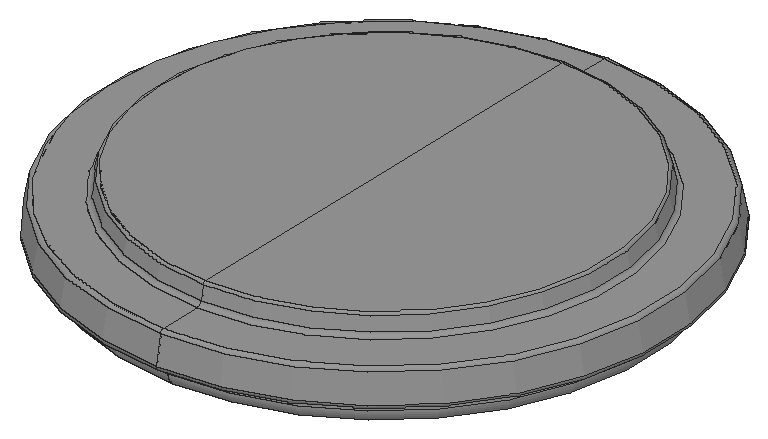
Revit family "FMK12_63_UN_Surface-mounted_ETK", category Lighting Fixtures, Revit 2017 (continued)
Definition of nested family "FMK.1 - Lightsource"
  Types (13, lengths in mm): name | Wattage Comments | Photometric Web File | built-in parameter 1150142 | Apparent Load
    FMK.1229.10N - Ø300x40 / 18W | "18W" | "FMK.1229.10n.ies" | "IESNA:LM-63-2002\r\n[TEST] /2014\r\n[TESTLAB] ies2eulumdat.appspot.com\r\n[ISSUEDATE] 2021-06-16T09:02:18.810\r\n[MANUFAC] www.etk.nl\r\n[LUMCAT] FMK.1209.10\r\n[LUMINAIRE] FMK.1 LED 18W 3000/4000/5700K ø300 niet dimbaar\r\n[LAMPCAT] LED\r\n[LAMP] LED\r\nTILT=NONE\r\n1\t1710\t1\t46\t180\t1\t2\t-0.300\t-0.300\t0\r\n1.0\t1.0\t18.30\r\n0\t 2\t 4\t 6\t 8\t 10\t 12\t 14\t 16\t 18\r\n20\t 22\t 24\t 26\t 28\t 30\t 32\t 34\t 36\t 38\r\n40\t 42\t 44\t 46\t 48\t 50\t 52\t 54\t 56\t 58\r\n60\t 62\t 64\t 66\t 68\t 70\t 72\t 74\t 76\t 78\r\n80\t 82\t 84\t 86\t 88\t 90\r\n0\t 2\t 4\t 6\t 8\t 10\t 12\t 14\t 16\t 18\r\n20\t 22\t 24\t 26\t 28\t 30\t 32\t 34\t 36\t 38\r\n40\t 42\t 44\t 46\t 48\t 50\t 52\t 54\t 56\t 58\r\n60\t 62\t 64\t 66\t 68\t 70\t 72\t 74\t 76\t 78\r\n80\t 82\t 84\t 86\t 88\t 90\t 92\t 94\t 96\t 98\r\n100\t 102\t 104\t 106\t 108\t 110\t 112\t 114\t 116\t 118\r\n120\t 122\t 124\t 126\t 128\t 130\t 132\t 134\t 136\t 138\r\n140\t 142\t 144\t 146\t 148\t 150\t 152\t 154\t 156\t 158\r\n160\t 162\t 164\t 166\t 168\t 170\t 172\t 174\t 176\t 178\r\n180\t 182\t 184\t 186\t 188\t 190\t 192\t 194\t 196\t 198\r\n200\t 202\t 204\t 206\t 208\t 210\t 212\t 214\t 216\t 218\r\n220\t 222\t 224\t 226\t 228\t 230\t 232\t 234\t 236\t 238\r\n240\t 242\t 244\t 246\t 248\t 250\t 252\t 254\t 256\t 258\r\n260\t 262\t 264\t 266\t 268\t 270\t 272\t 274\t 276\t 278\r\n280\t 282\t 284\t 286\t 288\t 290\t 292\t 294\t 296\t 298\r\n300\t 302\t 304\t 306\t 308\t 310\t 312\t 314\t 316\t 318\r\n320\t 322\t 324\t 326\t 328\t 330\t 332\t 334\t 336\t 338\r\n340\t 342\t 344\t 346\t 348\t 350\t 352\t 354\t 356\t 358\r\n\r\n604.9325\t603.2919\t601.6514\t598.9367\t595.1481\t591.3474\t584.4074\t577.4673\t570.5271\t563.5989\r\n556.6589\t546.0716\t535.4844\t524.9091\t514.322\t503.7347\t489.8782\t476.0098\t462.1414\t448.2731\r\n434.4164\t417.5148\t400.6012\t383.6995\t366.7979\t349.8961\t330.7164\t311.5251\t292.3454\t273.1539\r\n253.9742\t234.7827\t215.6031\t196.4116\t177.2319\t158.0404\t0\t0\t0\t0\r\n0\t0\t0\t0\t0\t0\r\n604.9325\t603.303\t601.6736\t598.9672\t595.1776\t591.371\t584.4474\t577.518\t570.5942\t563.6772\r\n556.7804\t546.2089\t535.6382\t525.0562\t514.4711\t503.9096\t490.0793\t476.249\t462.4177\t448.5869\r\n434.7567\t417.8553\t400.9346\t384.014\t367.0954\t350.1887\t331.0138\t311.8383\t292.6629\t273.4839\r\n254.309\t235.1337\t215.9576\t196.7709\t177.5953\t158.8079\t0.4083\t0\t0\t0\r\n0\t0\t0\t0\t0\t0\r\n604.9325\t603.316\t601.6989\t599.0015\t595.1958\t591.3698\t584.4843\t577.5711\t570.6711\t563.7586\r\n556.8947\t546.3551\t535.7596\t525.1644\t514.5799\t504.0319\t490.2428\t476.4007\t462.5425\t448.6943\r\n434.9048\t418.0625\t401.1696\t384.2789\t367.3894\t350.5392\t331.4019\t312.225\t293.0468\t273.8823\r\n254.7052\t235.5402\t216.3663\t197.1991\t178.024\t160.3893\t1.6616\t0\t0\t0\r\n0\t0\t0\t0\t0\t0\r\n604.9325\t603.3306\t601.7275\t599.0433\t595.2312\t591.4156\t584.5657\t577.6625\t570.7544\t563.8431\r\n557.0019\t546.5201\t535.9272\t525.353\t514.7657\t504.264\t490.5226\t476.6557\t462.7667\t448.8924\r\n435.124\t418.3554\t401.4707\t384.5722\t367.6697\t350.8303\t331.7467\t312.5747\t293.4071\t274.2312\r\n255.0699\t235.9111\t216.7553\t197.6045\t178.4467\t162.6446\t3.8393\t0\t0\t0\r\n0\t0\t0\t0\t0\t0\r\n604.9325\t603.3467\t601.7784\t599.0852\t595.2744\t591.4839\t584.6789\t577.7818\t570.8609\t563.9373\r\n557.1543\t546.7354\t536.1372\t525.529\t514.8988\t504.4471\t490.789\t476.9063\t463.0292\t449.1418\r\n435.4474\t418.7539\t401.8361\t384.8952\t367.9622\t351.1523\t332.1531\t312.9933\t293.8363\t274.6741\r\n255.5041\t236.3482\t217.1967\t198.0491\t178.904\t165.4825\t7.0717\t0\t0\t0\r\n0\t0\t0\t0\t0\t0\r\n604.9325\t603.3646\t601.8109\t599.1301\t595.3254\t591.5822\t584.8149\t577.9154\t571.003\t564.0375\r\n557.2822\t546.9546\t536.3271\t525.6894\t515.0537\t504.6554\t491.1358\t477.2379\t463.3307\t449.4155\r\n435.7478\t419.1745\t402.2081\t385.2544\t368.2909\t351.5211\t332.6242\t313.4509\t294.2734\t275.1156\r\n255.9625\t236.8063\t217.6543\t198.5095\t179.3715\t168.6886\t11.5411\t0\t0\t0\r\n0\t0\t0\t0\t0\t0\r\n604.9325\t603.3841\t601.8434\t599.178\t595.3834\t591.6781\t584.976\t578.0752\t571.1133\t564.0963\r\n557.383\t547.1909\t536.5313\t525.8766\t515.2136\t504.8691\t491.4968\t477.5392\t463.5748\t449.6118\r\n435.9498\t419.5755\t402.6015\t385.6298\t368.6616\t351.9183\t333.1605\t313.9425\t294.7654\t275.5923\r\n256.4278\t237.2774\t218.1312\t198.9956\t179.8672\t172.0139\t17.4822\t0\t0\t0\r\n0\t0\t0\t0\t0\t0\r\n604.9325\t603.4053\t601.8759\t599.2285\t595.4497\t591.7812\t585.1731\t578.2085\t571.1927\t564.1664\r\n557.4629\t547.4497\t536.7769\t526.0887\t515.3685\t505.002\t491.8629\t477.8739\t463.8657\t449.8384\r\n436.2083\t420.1244\t403.1335\t386.0845\t369.0368\t352.2643\t333.7051\t314.4923\t295.2823\t276.0978\r\n256.9176\t237.7601\t218.6225\t199.4936\t180.379\t175.1597\t25.1927\t0\t0\t0\r\n0\t0\t0\t0\t0\t0\r\n604.9325\t603.4593\t601.9085\t599.2738\t595.5244\t591.9079\t585.3373\t578.316\t571.3136\t564.2514\r\n557.5412\t547.753\t537.0529\t526.317\t515.5469\t505.1567\t492.6884\t478.2212\t464.1752\t450.1642\r\n436.1336\t421.0943\t403.6156\t386.5209\t369.432\t352.3337\t334.5504\t315.0513\t295.836\t276.637\r\n257.4544\t238.29\t219.1493\t200.0199\t180.9108\t177.7292\t35.0259\t0\t0\t0\r\n0\t0\t0\t0\t0\t0\r\n604.9325\t603.4826\t601.941\t599.3319\t595.6075\t591.9952\t585.4602\t578.4838\t571.4702\t564.333\r\n557.6055\t548.1073\t537.3696\t526.5928\t515.7384\t504.8144\t493.0694\t478.6336\t464.5307\t450.3943\r\n436.2933\t421.64\t404.1436\t386.9492\t369.8193\t352.7072\t335.1677\t315.6771\t296.4365\t277.212\r\n258.007\t238.8258\t219.6743\t200.5397\t181.4425\t179.2574\t47.3991\t0\t0\t0\r\n0\t0\t0\t0\t0\t0\r\n604.9325\t603.5064\t601.9734\t599.3945\t595.7161\t592.0648\t585.6584\t578.7119\t571.6053\t564.412\r\n557.2136\t548.9435\t537.7363\t526.8513\t515.8959\t504.8997\t493.4258\t478.9823\t464.8596\t450.6873\r\n436.4267\t422.0138\t404.7199\t387.5204\t370.3217\t353.0976\t335.7436\t316.324\t297.0385\t277.7912\r\n258.567\t239.3682\t220.2087\t201.0815\t181.9832\t162.9148\t98.4026\t0\t0\t0\r\n0\t0\t0\t0\t0\t0\r\n604.9325\t603.5306\t602.0055\t599.4612\t595.8018\t592.0844\t585.9012\t578.9142\t571.7274\t564.5615\r\n557.281\t549.3317\t538.103\t527.1296\t516.0869\t504.9399\t493.7098\t479.4734\t465.2005\t450.9492\r\n436.7405\t422.5771\t405.4099\t388.0744\t370.7796\t353.4924\t336.2684\t316.9931\t297.6847\t278.4178\r\n259.1782\t239.9648\t220.7735\t201.6345\t182.5343\t163.481\t113.7595\t0\t0\t0\r\n0\t0\t0\t0\t0\t0\r\n604.9325\t603.5554\t602.0217\t599.532\t595.8866\t592.1561\t586.588\t579.0795\t571.9261\t564.708\r\n557.356\t549.6474\t538.4927\t527.425\t516.249\t505.0832\t494.0234\t479.9866\t465.7575\t451.3805\r\n437.0064\t422.8844\t406.0364\t388.6721\t371.3233\t353.9575\t336.8059\t317.7551\t298.3731\t279.0511\r\n259.7888\t240.5534\t221.3703\t202.2241\t183.1196\t164.0583\t128.3143\t0\t0\t0\r\n0\t0\t0\t0\t0\t0\r\n604.9325\t603.5809\t602.0558\t599.618\t595.9723\t592.2358\t586.8402\t579.3172\t572.1843\t564.8477\r\n557.415\t549.9086\t538.9015\t527.7199\t516.5471\t505.2607\t494.2777\t480.6872\t466.1976\t451.7399\r\n437.252\t422.7612\t407.2466\t389.4272\t371.966\t354.4582\t337.2243\t318.5243\t299.1108\t279.742\r\n260.4244\t241.1781\t221.9657\t202.8103\t183.7099\t164.6491\t141.3505\t0\t0\t0\r\n0\t0\t0\t0\t0\t0\r\n604.9325\t603.6071\t602.0912\t599.6912\t596.0451\t591.9798\t587.0148\t579.6483\t572.4109\t565.0026\r\n557.4889\t550.099\t539.3311\t528.166\t516.8776\t505.53\t494.0643\t481.5955\t466.7489\t452.2129\r\n437.6254\t423.0444\t408.0517\t390.1803\t372.5893\t355.0126\t337.4403\t319.5246\t299.8803\t280.4737\r\n261.1232\t241.8179\t222.5739\t203.4066\t184.3006\t165.2486\t152.0665\t0\t0\t0\r\n0\t0\t0\t0\t0\t0\r\n604.9325\t603.6338\t602.1279\t599.7642\t596.2915\t592.06\t587.2479\t579.9651\t572.6275\t565.1743\r\n557.5912\t550.1482\t539.9086\t528.6542\t517.2707\t505.7657\t494.0884\t482.1911\t467.4123\t452.7044\r\n438.0073\t423.2908\t408.632\t391.0308\t373.3713\t355.5458\t337.8389\t320.2515\t300.7003\t281.2121\r\n261.8325\t242.4922\t223.2123\t204.0069\t184.8961\t165.8551\t159.6039\t13.1538\t0\t0\r\n0\t0\t0\t0\t0\t0\r\n604.9325\t603.6611\t602.1659\t599.8376\t596.4054\t592.1391\t587.4977\t580.2805\t572.8868\t565.3787\r\n557.6678\t549.7361\t540.9527\t529.1771\t517.6731\t506.0008\t494.2758\t482.6381\t468.0299\t453.2316\r\n438.4194\t423.5879\t409.1603\t391.9077\t373.8445\t355.9972\t338.2732\t320.7969\t301.5855\t282.0214\r\n262.5566\t243.1786\t223.8823\t204.6641\t185.522\t166.4516\t162.8905\t31.8043\t0\t0\r\n0\t0\t0\t0\t0\t0\r\n604.9325\t603.6892\t602.2049\t599.908\t596.5241\t592.1992\t587.8004\t580.5758\t573.1764\t565.6227\r\n557.7326\t549.8042\t541.4288\t529.7323\t518.1144\t506.3438\t494.4987\t482.7908\t468.7329\t453.8508\r\n438.9175\t423.9507\t408.6493\t392.7359\t374.5174\t356.6496\t338.8317\t321.0335\t302.7194\t282.8805\r\n263.3626\t243.9028\t224.5481\t205.3141\t186.1662\t167.0952\t148.1118\t88.6377\t0\t0\r\n0\t0\t0\t0\t0\t0\r\n604.9325\t603.7179\t602.2449\t599.981\t596.652\t592.2995\t588.0109\t580.9296\t573.5102\t565.8506\r\n557.9219\t549.8881\t541.7121\t530.3743\t518.611\t506.7558\t494.6717\t482.47\t469.828\t454.5537\r\n439.4245\t424.0109\t408.6349\t393.3735\t375.3775\t357.3866\t339.435\t321.5173\t303.5607\t283.7689\r\n264.1651\t244.6733\t225.2874\t205.9828\t186.7886\t167.711\t148.7442\t112.1139\t0\t0\r\n0\t0\t0\t0\t0\t0\r\n604.9325\t603.7473\t602.2856\t600.0568\t596.7719\t592.4179\t588.1719\t581.3183\t573.9078\t566.0743\r\n558.1389\t549.9635\t541.9262\t531.0335\t519.2162\t507.1698\t494.9265\t482.6333\t470.329\t455.2483\r\n439.8147\t424.3822\t408.9232\t393.7403\t376.3501\t358.2294\t340.1252\t322.0395\t304.2025\t284.7408\r\n265.0668\t245.4539\t225.9736\t206.6463\t187.4435\t168.3603\t149.3849\t130.4101\t0\t0\r\n0\t0\t0\t0\t0\t0\r\n604.9325\t603.7776\t602.3343\t600.133\t596.8924\t592.5514\t588.2573\t582.1028\t574.2915\t566.3966\r\n558.3966\t550.0391\t541.4961\t532.1224\t519.854\t507.633\t495.3114\t482.8481\t470.4815\t456.3368\r\n440.5157\t424.9232\t409.2495\t393.6295\t377.6559\t359.1366\t340.8577\t322.656\t304.5206\t285.931\r\n265.9183\t246.2694\t226.7385\t207.3469\t188.0877\t168.9899\t150.0335\t142.1012\t0.9237\t0\r\n0\t0\t0\t0\t0\t0\r\n604.9325\t603.8087\t602.2411\t600.2093\t597.0138\t592.7089\t587.9814\t582.506\t574.6544\t566.7889\r\n558.6686\t550.1973\t541.4544\t532.5851\t520.5561\t508.2392\t495.7924\t483.0495\t470.1335\t457.1163\r\n441.3228\t425.5219\t409.7509\t393.9106\t378.232\t360.1469\t341.7391\t323.3504\t304.9773\t286.7673\r\n266.8982\t247.1147\t227.4881\t208.0586\t188.7792\t169.6606\t150.6879\t131.866\t21.4679\t0\r\n0\t0\t0\t0\t0\t0\r\n604.9325\t603.8407\t602.2844\t600.2854\t597.1426\t592.8591\t588.0729\t582.907\t575.0998\t567.2089\r\n558.9621\t550.3823\t541.4848\t532.7997\t521.7716\t508.9483\t496.2748\t483.3245\t470.3834\t457.4768\r\n442.2022\t426.336\t410.3521\t394.239\t378.1528\t361.5855\t342.6871\t324.0744\t305.6064\t287.3619\r\n267.8645\t248.0216\t228.3498\t208.8257\t189.4682\t170.3025\t151.3323\t132.5387\t80.029\t0\r\n0\t0\t0\t0\t0\t0\r\n604.9325\t603.8733\t602.3299\t600.3607\t597.2661\t593.1545\t588.1843\t583.2018\t575.6055\t567.6783\r\n559.3106\t550.6007\t541.5686\t532.3163\t522.4808\t509.7479\t496.8485\t483.8597\t470.6669\t457.2136\r\n443.4699\t427.2526\t410.9944\t394.713\t378.4457\t362.2796\t343.7493\t325.0072\t306.2591\t287.6577\r\n269.0839\t249.009\t229.1809\t209.5733\t190.2093\t170.9954\t151.9889\t133.1871\t107.1195\t0\r\n0\t0\t0\t0\t0\t0\r\n604.9325\t603.907\t602.3776\t600.435\t597.3875\t593.3208\t588.3223\t583.4193\t576.5313\t568.1743\r\n559.709\t550.8685\t541.7588\t532.2517\t522.878\t510.5737\t497.5582\t484.484\t471.0737\t457.3263\r\n443.9663\t428.2466\t411.8005\t395.3788\t378.7305\t362.2173\t345.2416\t325.9593\t307.1037\t288.3016\r\n269.7515\t250.003\t230.1332\t210.3898\t190.9169\t171.6613\t152.6389\t133.8373\t123.7799\t0\r\n0\t0\t0\t0\t0\t0\r\n604.9325\t603.9123\t602.428\t600.501\t597.5056\t593.4861\t588.4837\t583.5425\t577.0344\t568.7101\r\n560.1512\t551.1686\t541.9813\t532.3519\t522.4772\t511.7762\t498.5257\t485.22\t471.4735\t457.7046\r\n443.7031\t429.415\t412.8677\t396.0261\t379.2618\t362.4764\t345.8916\t327.1753\t308.035\t288.9915\r\n270.1463\t251.2322\t231.0663\t211.2373\t191.6472\t172.3408\t153.2921\t134.4874\t115.9236\t9.2138\r\n0\t0\t0\t0\t0\t0\r\n604.9325\t603.9481\t602.4812\t600.5742\t597.6202\t593.653\t588.668\t583.3077\t577.4581\t569.2983\r\n560.6533\t551.5767\t542.2042\t532.5113\t522.3616\t512.2177\t499.5876\t486.0776\t472.1462\t458.1519\r\n443.8695\t429.876\t414.2071\t396.917\t379.9187\t362.8675\t345.8321\t328.6051\t309.1102\t289.916\r\n270.7523\t251.9617\t232.0644\t212.1103\t192.4343\t173.0323\t153.9173\t135.1018\t116.562\t65.7955\r\n0\t0\t0\t0\t0\t0\r\n604.9325\t603.9852\t602.5371\t600.6467\t597.73\t593.8172\t588.8736\t583.4583\t577.7772\t570.2819\r\n561.2111\t552.1325\t542.5577\t532.7343\t522.3727\t511.8663\t500.9199\t486.9213\t472.9747\t458.7217\r\n444.2496\t429.5691\t414.7964\t398.0122\t380.7816\t363.4509\t346.0825\t328.8111\t310.4213\t290.8883\r\n271.5384\t252.3269\t233.2419\t213.0364\t193.2161\t173.736\t154.5864\t135.7567\t117.2044\t96.1475\r\n0\t0\t0\t0\t0\t0\r\n604.9325\t604.0236\t602.596\t600.7186\t597.8194\t593.9774\t589.2292\t583.6201\t577.9865\t570.7992\r\n561.8256\t552.71\t543.0652\t533.0169\t522.502\t511.8678\t501.241\t488.4687\t473.9436\t459.4936\r\n444.832\t429.7247\t414.7044\t399.4139\t381.8032\t364.1979\t346.6042\t329.0336\t311.6354\t292.1036\r\n272.4601\t253.0354\t233.7628\t214.0337\t194.1035\t174.5269\t155.255\t136.3516\t117.8305\t109.9048\r\n0\t0\t0\t0\t0\t0\r\n604.9325\t604.0637\t602.658\t600.789\t597.9215\t594.1325\t589.4529\t583.8272\t577.7627\t571.1951\r\n562.8118\t553.2917\t543.6239\t533.3822\t522.7915\t511.9619\t500.5541\t489.0998\t475.0948\t460.4654\r\n445.4767\t430.3017\t414.8994\t399.3696\t383.2919\t365.1943\t347.3191\t329.4129\t311.6006\t293.6303\r\n273.6308\t253.85\t234.3543\t215.1938\t195.0532\t175.2777\t155.9455\t136.9913\t118.4168\t100.2246\r\n10.9351\t0\t0\t0\t0\t0\r\n604.9325\t604.1049\t602.7234\t600.8579\t598.021\t594.2782\t589.6773\t584.0732\t577.9255\t571.4711\r\n563.458\t554.0039\t544.2463\t533.8777\t523.2306\t512.1995\t500.5102\t488.6583\t476.4436\t461.6248\r\n446.3237\t431.0595\t415.3954\t399.5376\t383.6965\t366.7259\t348.2364\t330.1152\t311.8732\t293.8363\r\n275.1387\t254.8952\t235.1611\t215.6652\t196.0554\t176.1444\t156.6456\t137.594\t119.0254\t100.8532\r\n68.8785\t0\t0\t0\t0\t0\r\n604.9325\t604.3797\t602.795\t600.7955\t598.1176\t594.4184\t589.9421\t584.4807\t578.1293\t571.2717\r\n564.0225\t555.1365\t544.9684\t534.4889\t523.7521\t512.5133\t500.6805\t488.5879\t476.1182\t463.0735\r\n447.6366\t431.9684\t416.1152\t399.9456\t383.6989\t367.3767\t349.5599\t330.9731\t312.5046\t294.0321\r\n275.9095\t256.218\t236.1048\t216.3684\t197.0093\t177.0397\t157.4158\t138.2701\t119.6169\t101.4035\r\n91.2126\t0\t0\t0\t0\t0\r\n604.9325\t604.4205\t602.8672\t600.8728\t598.211\t594.5549\t590.1569\t584.7672\t578.3807\t571.4627\r\n564.3113\t555.8405\t545.7988\t535.2615\t524.3877\t512.92\t501.0143\t488.7096\t476.0305\t462.7583\r\n449.2912\t433.217\t417.0958\t400.713\t384.1708\t367.2088\t350.6545\t332.2272\t313.392\t294.5441\r\n275.8683\t257.4578\t237.4149\t217.2362\t197.4869\t178.1427\t158.2694\t138.9226\t120.2106\t101.9885\r\n84.2445\t0\t0\t0\t0\t0\r\n604.9325\t604.4609\t602.9426\t600.9571\t598.301\t594.685\t590.3595\t585.0141\t578.795\t571.7158\r\n564.1432\t556.2603\t546.8908\t536.205\t525.1774\t513.5407\t501.5676\t489.0287\t476.1442\t462.6532\r\n448.9921\t434.8922\t418.416\t401.8982\t384.7929\t367.6136\t350.3325\t333.3151\t314.6323\t295.4577\r\n276.336\t257.5068\t238.7779\t218.4036\t198.3424\t178.728\t159.174\t139.7342\t120.8004\t102.4847\r\n84.7775\t45.5539\t0\t0\t0\t0\r\n604.9325\t604.5006\t603.0216\t601.0606\t598.3865\t594.8079\t590.54\t585.2417\t579.0807\t572.1467\r\n564.4011\t556.1409\t547.4037\t537.4374\t526.1369\t514.3405\t502.2658\t489.5783\t476.4823\t462.9105\r\n448.8591\t434.6232\t420.0685\t403.4046\t385.7751\t368.4205\t350.8718\t333.1656\t315.607\t296.8929\r\n277.2305\t257.8752\t238.7581\t219.918\t199.4756\t179.4703\t160.1376\t140.5119\t121.4449\t103.0157\r\n85.2703\t74.215\t0\t0\t0\t0\r\n604.9325\t604.5394\t603.1042\t601.1584\t598.3492\t594.9234\t590.7019\t585.451\t579.3531\t572.4943\r\n564.7651\t556.3877\t547.3688\t538.0224\t527.3866\t515.3535\t503.115\t490.3931\t476.9994\t463.303\r\n449.0547\t434.4994\t419.6921\t404.5604\t387.5106\t369.5539\t351.7313\t333.6797\t315.5431\t297.2741\r\n278.797\t258.7661\t239.2377\t219.9717\t200.9556\t180.5254\t160.6648\t141.5044\t122.1648\t103.5896\r\n85.7592\t68.6221\t0\t0\t0\t0\r\n604.9325\t604.5773\t603.1902\t601.2632\t598.4516\t595.0092\t590.8464\t585.643\t579.6101\t572.8202\r\n565.325\t556.7647\t547.6995\t538.0024\t527.9437\t516.6478\t504.4938\t491.4266\t477.8344\t463.9221\r\n449.6332\t434.78\t419.7115\t403.8594\t387.7921\t371.4508\t353.0947\t334.6903\t316.1395\t297.631\r\n278.8793\t260.2808\t240.1353\t220.3427\t201.0312\t181.9801\t161.6499\t142.0644\t123.0333\t104.2161\r\n86.2409\t69.0879\t15.2173\t0\t0\t0\r\n604.9325\t604.6141\t603.2798\t601.3757\t598.5679\t594.9853\t590.9493\t585.8192\t579.8489\t573.1198\r\n565.7109\t557.3403\t548.3007\t538.393\t527.9435\t517.2634\t505.3927\t492.933\t478.9816\t464.8927\r\n450.474\t435.4187\t420.1142\t403.9636\t387.6809\t371.1777\t354.5307\t336.6039\t317.3934\t298.4472\r\n279.3102\t260.28\t241.3379\t221.3309\t201.4226\t182.0109\t163.0786\t142.9823\t123.7395\t104.974\r\n86.81\t69.5539\t58.969\t0\t0\t0\r\n604.9325\t604.6498\t603.6043\t601.4957\t598.6984\t595.1135\t590.9331\t585.9739\t580.0893\t573.3916\r\n566.0512\t557.7504\t548.7954\t539.0648\t528.4009\t517.3472\t505.5605\t493.6743\t480.4541\t466.4352\r\n451.5987\t436.4298\t420.8587\t404.6187\t388.0855\t371.2381\t354.0167\t336.6193\t319.1551\t299.9255\r\n280.4523\t260.8892\t241.3921\t222.136\t202.5984\t182.4131\t163.0718\t144.3638\t124.5764\t105.7842\r\n87.4272\t70.0349\t53.7077\t0\t0\t0\r\n604.9325\t604.6844\t603.6946\t601.6237\t598.8432\t595.2649\t591.0743\t585.9936\t580.2878\t573.6051\r\n566.3212\t558.1173\t549.2219\t539.5715\t529.1248\t518.0448\t506.0844\t493.7649\t480.7344\t467.3507\r\n453.0676\t438.029\t422.0569\t405.7673\t388.9954\t371.8917\t354.386\t336.673\t318.7419\t300.4149\r\n282.1798\t262.3184\t242.4052\t222.5131\t202.8279\t183.5184\t163.5632\t144.26
